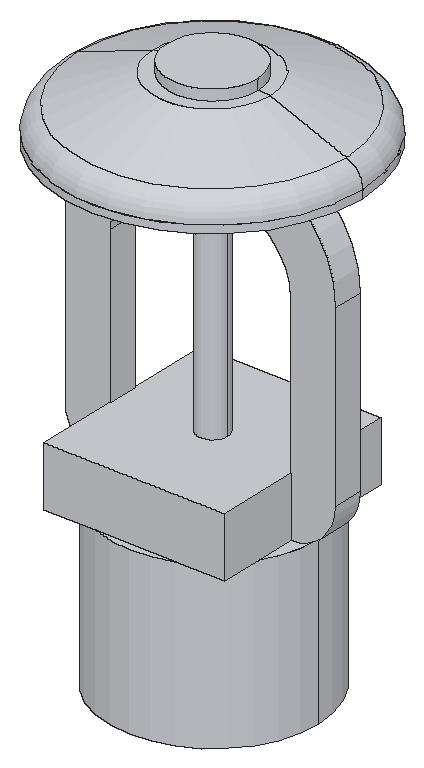
Revit family
Parameters (values of type "RASCO F1FR56-300 UPRIGHT")
  URL = ""
  Temperature Rating = 135 °F
  Response = 1
  RASCO SIN # = "RA2625"
  RASCO Part # = "F1FR56U0W3"
  Pressure Rating = "300 PSI"
  Pressure Class = 1
  Orifice Size = 1/2"
  Orifice = (empty or 0)
  Model = "F1FR56-300"
  Manufacturer = "RASCO"
  K-Factor = 5.6
  Description = "White Finish"
  Coverage = (empty or 0)
Reference planes (in)
  plane 1 "Center (Front/Back)": y = 0
  plane 2: z = 0
  plane 3 "Center (Left/Right)": x = 0
Nested families (in)
  nested 1: "F1FR56U0W3" at (-0.0532, -0.01965, 0), type "RASCO F1FR56-300 UPRIGHT"
Connectors (in)
  piping at (-0.0532, -0.01965, 0)
    settings: on nested 1, index 1, connector radius 1/2", flow factor 0, pipe flow 0 GPM, pressure drop 0.00 psi, fitting loss kfactor 0, connector angle 0.00°, fixture units 0, flow configuration 0, flow direction 0, fitting loss method 0, system type 7, connector reference index -1, connector utility 0, adjustable connector no, is connector primary yes, fitting loss table "", connector description ""
Definition of nested family "F1FR56U0W3"
  Parameters (values of type "RASCO F1FR56-300 UPRIGHT")
    Type Comments = ""
    Temperature Rating = 0 °F
    Response = (empty or 0)
    Pressure Rating = "0"
    Pressure Class = (empty or 0)
    Orifice Size = 0"
    Orifice = (empty or 0)
    Model = ""
    Manufacturer = ""
    K-Factor = 0
    Description = ""
    Coverage = (empty or 0)
    Assembly Code = ""
  Reference planes (in)
    plane 1 "Center (Front/Back)": y = 0
    plane 2: z = 0
    plane 3 "ref.2": z = 0.6875
    plane 4 "ref.3": z = 0.9375
    plane 5: x = -0.38065
    plane 6: x = 0.36935
    plane 7 "ref. side 1": y = 0.06402
    plane 8 "ref. side 2": y = -0.06098
    plane 9 "ref.4": z = 1.875
    plane 10 "ref.5": z = 2.3125
    plane 11 "ref.6": z = 2.4375
  Forms (in)
    Extrusion 1, solid
      sketch origin (0, 0, 0) x (1, 0, 0) y (0, 1, 0)
        loop
          circle (0, 0) r 0.4375
      from 0 to 0.6875
    Extrusion 2, solid
      sketch origin (-0.12185, 0.05177, 0.6875) x (1, 0, 0) y (0, 1, 0)
        loop
          line (-0.2588, 0.356) -> (-0.2588, -0.4565) -> (0.4912, -0.4565) -> (0.4912, 0.356) -> (-0.2588, 0.356)
      from 0 to 0.25
    Extrusion 3, solid
      sketch origin (0, 0, 0) x (1, 0, 0) y (0, 0, 1)
        loop
          line (-0.38065, 0.68754) -> (-0.38065, 1.58397)
          arc (-0.38065, 1.58397) -> (-0.29541, 1.78976) -> (-0.08962, 1.875) r 0.29103
          line (-0.08962, 1.875) -> (0.07524, 1.875)
          arc (0.07524, 1.875) -> (0.28321, 1.78886) -> (0.36935, 1.58089) r 0.29411
          line (0.36935, 1.58089) -> (0.36935, 0.68751)
          arc (0.36935, 0.68751) -> (0.50207, 0.74393) -> (0.55685, 0.87734) r 0.18984
          line (0.55685, 0.87734) -> (0.55685, 1.61676)
          arc (0.55685, 1.61676) -> (0.42629, 1.93194) -> (0.11111, 2.0625) r 0.44574
          line (0.11111, 2.0625) -> (-0.12259, 2.0625)
          arc (-0.12259, 2.0625) -> (-0.43765, 1.932) -> (-0.56815, 1.61694) r 0.44556
          line (-0.56815, 1.61694) -> (-0.56815, 0.87876)
          arc (-0.56815, 0.87876) -> (-0.51345, 0.74486) -> (-0.38065, 0.68754) r 0.19126
      from -0.06402 to 0.06098
    Extrusion 4, solid
      sketch origin (0, 0, 0.9375) x (-1, 0, 0) y (0, -1, 0)
        loop
          circle (0.00574, -0.00152) r 0.0625
      from 0 to 0.9375
    Extrusion 5, solid
      sketch origin (0, 0, 1.875) x (-1, 0, 0) y (0, -1, 0)
        loop
          circle (0.00574, -0.00152) r 0.1875
      from 0 to 0.4375
    Revolve 6, solid
      sketch origin (0, 0, -0.31276) x (1, 0, 0) y (0, 0, 1)
        loop
          line (-0.19324, 2.33367) -> (-0.19324, 2.58367) -> (-0.24995, 2.58367) -> (-0.56395, 2.46314)
          arc (-0.56395, 2.46314) -> (-0.61243, 2.42492) -> (-0.63074, 2.36595) r 0.1041
          line (-0.63074, 2.36595) -> (-0.63074, 2.33367) -> (-0.19324, 2.33367)
        axis (-0.00574, 2.33367) -> (-0.00574, 2.58367)
      angle from 0 to 360
  Cuts and joins
    joined: Extrusion 1, Extrusion 2, Extrusion 4, Revolve 6
  Lines and regions (in)
    model lines
      curve 1: line (-0.00574, 0.06402, 1.875) -> (-0.00574, -0.06098, 1.875)
